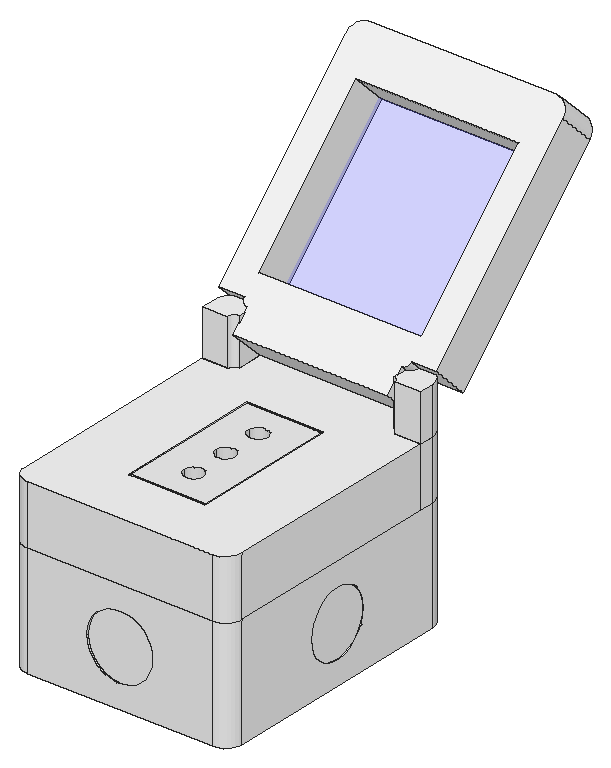
Revit family "Domotics-SerieCivili-GEWISS-27COMBI_SYSTEM-IP55_PRESA_ITA", category Apparecchi elettrici, host Superficie, Revit 2016
Family settings
  Host = Superficie
  Mantenere orientamento annotazione = Sì
  Tipo di parte = Normale
  Quota connettore circolare = Usa diametro
  Numero OmniClass = 23.80.50.14
  Titolo OmniClass = Plug Connectors
  Taglio con vuoti quando caricato = Sì
  Condiviso = Sì
  Punto di calcolo locali = No
Parameters (values of type "GW27841 - Con presa std italiano")
  Viti coperchio = "Acciaio inox"
  Versione file RFA = "19.4"
  VISTA DI PIANTA [instance] = yes
  URL = "https://www.gewiss.com/it/it"
  Tipo sfondabili = "Asportabili con utensile"
  Tipo portella = "Con membrana"
  Tipo = "Presa 2P+T - 16 A bivalente"
  Termopressione con biglia = "70 °C"
  Tensione: = "250 V ac"
  Tensione = "230 V ac"
  Temperatura di installazione = "-25 +60 °C"
  Scheda Tecnica = "https://www.gewiss.com/it/it/search?q=GW27841"
  SPORTELLO APERTO [instance] = yes
  SIMBOLO [instance] = yes
  SEO = "Contenitore"
  Produttore = "GEWISS S.p.A."
  Offset = 0 mm
  Norma di riferimento: = "IEC 60884-1"
  Norma di riferimento = "Italiano"
  N. fori Ã˜ 23 sfondabili: = "Laterali 3 / Sul fondo 1"
  N. fori Ã˜ 23 con passacavo = "1"
  Modello = "GW27841"
  IFC.TypeObject = ""
  IFC.ExportType = ""
  IFC.ExportAs = ""
  IDT = "a9e83055-bc3d-4fd1-a2af-8daed6b86314"
  IDF = "19c93e40-1a99-46aa-9b32-a5c1b16e1856"
  Grado di protezione = "IP55"
  Glow Wire Test = "650°C"
  GW - Testo elettrico = "10/16"
  Default Elevation = 1219.2 mm
  Immagine tipo = GW27841.jpg
  Distanza orizzontale del simbolo [instance] = 414.468 mm
  Distanza dal muro [instance] = 0 mm
  Dim. esterne BxHxP (mm) = "66x82x65"
  Descrizione: = "Presa 2P+T - 16 A bivalente"
  Descrizione = "PRESA STD ITA.2P+T 16A BIV.STAGNA"
  Creato da GEWISS S.p.A. = ""
  Cornice simbolo [instance] = yes
  Coppia serraggio viti = "0,8NM"
  Colore portella = "Trasparente"
  Colore = "Grigio RAL 7035"
  Codice Electrocod = "0131"
  Codice EAN = "8011564095465"
  Classe isolamento = "II"
  Catalogo Serie = "27COMBI"
  Catalogo = "DOMOTICS"
  Caratteristiche = "Standard Italiano"
  COBie.Tagnumber = ""
  COBie.CreatedOn = ""
  COBie.CreatebBy = ""
  COBie.ComponentRegisterItemID = ""
  COBie.Component.TagNumber = ""
  COBie.Component.Space = ""
  COBie.Component.SerialNumber = ""
  COBie.Component.InstallationDate = ""
  COBie.Component.Description = ""
  COBie.Component.BarCode = ""
Reference planes
  plane 1 "Centro (Fronte/Retro)": y = 0
  plane 2: z = 0
  plane 3 "Centro (Sinistra/Destra)": x = 0
  plane 4: z = 0
  plane 5: y = 41
  plane 6: y = -41
  plane 7: x = -33
  plane 8: x = 33
  plane 9: z = 60
  plane 10: x = -414.468
Lines and regions (mm)
  Masking region 1, visible <- "VISTA DI PIANTA"
    outline origin (0, 0, 0) x (1, 0, 0) y (0, 0, 1)
      loop
        line (33, 0) -> (33, 60) -> (-33, 60) -> (-33, 0) -> (33, 0)
  Masking region 2, visible <- "VISTA DI PIANTA", detail levels medium+fine
    outline origin (0, 0, 0) x (1, 0, 0) y (0, 0, 1)
      loop
        circle (0, 17) r 10
  Masking region 3
    outline origin (0, 0, 0) x (0, 1, 0) y (0, 0, 1)
      loop
        line (-41, 60) -> (-41, 0) -> (41, 0) -> (41, 60) -> (-41, 60)
  Masking region 4
    outline origin (0, 0, 0) x (0, 1, 0) y (0, 0, 1)
      loop
        circle (0, 17) r 11.5
  Masking region 5
    outline origin (0, 0, 0) x (1, 0, 0) y (0, 1, 0)
      loop
        line (-11.5, 21.5) -> (-11.5, -23.5) -> (11.5, -23.5) -> (11.5, 21.5) -> (-11.5, 21.5)
      loop
        circle (0.079, 11.206) r 2.942
      loop
        circle (0, -1) r 2.942
      loop
        circle (0.079, -13.206) r 2.942
  model lines, detail levels coarse
    curve 1: line (-11.5, -23.5, 60) -> (-11.5, 21.5, 60)
    curve 2: line (-11.5, 21.5, 60) -> (11.5, 21.5, 60)
    curve 3: line (11.5, 21.5, 60) -> (11.5, -23.5, 60)
    curve 4: line (11.5, -23.5, 60) -> (-11.5, -23.5, 60)
    curve 5: arc (-2.863, -13.206, 60) -> (0.079, -10.264, 60) -> (3.021, -13.206, 60) r 2.942
    curve 6: arc (3.021, -13.206, 60) -> (0.079, -16.148, 60) -> (-2.863, -13.206, 60) r 2.942
    curve 7: arc (2.942, -1, 60) -> (0, -3.942, 60) -> (-2.942, -1, 60) r 2.942
    curve 8: arc (-2.942, -1, 60) -> (0, 1.942, 60) -> (2.942, -1, 60) r 2.942
    curve 9: arc (3.021, 11.206, 60) -> (0.079, 8.264, 60) -> (-2.863, 11.206, 60) r 2.942
    curve 10: arc (-2.863, 11.206, 60) -> (0.079, 14.148, 60) -> (3.021, 11.206, 60) r 2.942
  model lines, not visible, detail levels coarse
    curve 11: line (-11.5, -23.5, 60) -> (-11.5, 21.5, 60)
    curve 12: line (-11.5, 21.5, 60) -> (11.5, 21.5, 60)
    curve 13: line (11.5, 21.5, 60) -> (11.5, -23.5, 60)
    curve 14: line (11.5, -23.5, 60) -> (-11.5, -23.5, 60)
    curve 15: arc (-2.863, -13.206, 60) -> (0.079, -10.264, 60) -> (3.021, -13.206, 60) r 2.942
    curve 16: arc (3.021, -13.206, 60) -> (0.079, -16.148, 60) -> (-2.863, -13.206, 60) r 2.942
    curve 17: arc (2.942, -1, 60) -> (0, -3.942, 60) -> (-2.942, -1, 60) r 2.942
    curve 18: arc (-2.942, -1, 60) -> (0, 1.942, 60) -> (2.942, -1, 60) r 2.942
    curve 19: arc (3.021, 11.206, 60) -> (0.079, 8.264, 60) -> (-2.863, 11.206, 60) r 2.942
    curve 20: arc (-2.863, 11.206, 60) -> (0.079, 14.148, 60) -> (3.021, 11.206, 60) r 2.942
Dimensions and locks
  "Offset": plane 4 to host face
  locked: plane 5 to plane 6 at 82
  locked: plane 7 to plane 8 at 66
  locked: plane 9 to plane 4 at 60
  "Distanza orizzontale del simbolo": plane 10 to plane 3 "Centro (Sinistra/Destra)"
  aligned and locked: plane 2 to host face
  aligned and locked: level to host face
  aligned and locked: plane 3 "Centro (Sinistra/Destra)" to nested 1
  aligned and locked: plane 1 "Centro (Fronte/Retro)" to nested 1
  aligned and locked: nested 1 to plane 4
  aligned and locked: plane 7 to nested 1
  aligned and locked: plane 8 to nested 1
  aligned and locked: plane 5 to nested 1
  aligned and locked: plane 6 to nested 1
  aligned and locked: Masking region 1 sketch curve to plane 9
  aligned and locked: Masking region 1 sketch curve to plane 8
  aligned and locked: Masking region 1 sketch curve to plane 7
  aligned and locked: plane 4 to Masking region 1 sketch curve
  aligned and locked: plane 4 to Masking region 3 sketch curve
  aligned and locked: Masking region 3 sketch curve to plane 9
  aligned and locked: Masking region 3 sketch curve to plane 6
  aligned and locked: Masking region 3 sketch curve to plane 5
  aligned and locked: nested 1 to nested 2
  aligned and locked: nested 2 to nested 1
  aligned and locked: Masking region 5 sketch curve to curve 2
  aligned and locked: Masking region 5 sketch curve to curve 1
  aligned and locked: Masking region 5 sketch curve to curve 4
  aligned and locked: Masking region 5 sketch curve to curve 3
  aligned and locked: plane 10 to nested 3
Automatic sketch dimensions
  host sketch curve to host sketch curve = 2438.4 mm  (x2)
  Masking region 2 sketch curve to plane 3 "Centro (Sinistra/Destra)" = 0 mm
  level to Masking region 2 sketch curve = 17 mm
  Masking region 4 sketch curve to plane 1 "Centro (Fronte/Retro)" = 0 mm
  level to Masking region 4 sketch curve = 17 mm
  curve 7 to curve 5 = 0.079 mm
  curve 7 to curve 10 = 0.079 mm
  curve 5 to curve 8 = 12.206 mm
  curve 7 to curve 10 = 12.206 mm
  curve 5 to curve 5 = 2.942 mm
  curve 10 to curve 9 = 2.942 mm
  curve 7 to curve 7 = 2.942 mm
  curve 1 to curve 6 = 8.637 mm
  curve 5 to curve 4 = 8.479 mm
  curve 1 to curve 6 = 10.294 mm
  curve 10 to curve 2 = 10.294 mm
  curve 5 to curve 6 = 0 mm  (x2)
  curve 7 to curve 8 = 0 mm  (x2)
  curve 9 to curve 10 = 0 mm  (x2)
  curve 17 to curve 15 = 0.079 mm
  curve 17 to curve 20 = 0.079 mm
  curve 15 to curve 18 = 12.206 mm
  curve 17 to curve 20 = 12.206 mm
  curve 15 to curve 15 = 2.942 mm
  curve 20 to curve 19 = 2.942 mm
  curve 17 to curve 17 = 2.942 mm
  curve 11 to curve 16 = 8.637 mm
  curve 15 to curve 14 = 8.479 mm
  curve 11 to curve 16 = 10.294 mm
  curve 20 to curve 12 = 10.294 mm
  curve 15 to curve 16 = 0 mm  (x2)
  curve 17 to curve 18 = 0 mm  (x2)
  curve 19 to curve 20 = 0 mm  (x2)
  Masking region 5 sketch curve to plane 3 "Centro (Sinistra/Destra)" = 0 mm
  plane 3 "Centro (Sinistra/Destra)" to Masking region 5 sketch curve = 0.079 mm  (x2)
  plane 1 "Centro (Fronte/Retro)" to Masking region 5 sketch curve = 13.206 mm
  plane 1 "Centro (Fronte/Retro)" to Masking region 5 sketch curve = 1 mm
  Masking region 5 sketch curve to plane 1 "Centro (Fronte/Retro)" = 11.206 mm
  radius of Masking region 2 sketch curve = 10 mm
  radius of Masking region 4 sketch curve = 11.5 mm
  radius of Masking region 5 sketch curve = 2.942 mm  (x3)
Nested families
  nested 1: "SYSTEM CONTENITORI IP55 COMPL PRESE ITA_BASE" at (0, 0, 0), Sportello aperto <- "SPORTELLO APERTO", type "GW27841"
    with Sportello chiuso no, Sportello aperto yes
  nested 2: "SYSTEM PRESE ITA P11 10A_BASE" at (0, -1, 13), type "SYSTEM PRESE ITA P11 10A_BASE"
  nested 3: "SIMBOLO PRESE" at (-414.468, 425.129, 0), TESTO ELETTRICO <- "GW - Testo elettrico", Distanza dal muro <- "Distanza dal muro", BORDO ACCESO <- "Cornice simbolo", SIMBOLO <- "SIMBOLO", type "PRESA"
    with TESTO ELETTRICO "10/16", SIMBOLO yes, Distanza dal muro 0 mm, BORDO ACCESO yes
Connectors
  cabletrayconduit at (33, 0, 17), diameter 20
    settings: on nested 1, index 1, connector width 300 mm, connector height 300 mm, connector angle 0.00°, system type 32, placement type 0, profile type 0, connector reference index -1, is primary connector yes, connector utility param no, connector description ""
  cabletrayconduit at (0, -41, 17), diameter 20
    settings: on nested 1, index 2, connector width 300 mm, connector height 300 mm, connector angle 0.00°, system type 32, placement type 0, profile type 0, connector reference index -1, is primary connector no, connector utility param no, connector description ""
  cabletrayconduit at (-33, 0, 17), diameter 20
    settings: on nested 1, index 3, connector width 300 mm, connector height 300 mm, connector angle 0.00°, system type 32, placement type 0, profile type 0, connector reference index -1, is primary connector no, connector utility param no, connector description ""
  cabletrayconduit at (0, 40.592, 17), diameter 20
    settings: on nested 1, index 4, connector width 300 mm, connector height 300 mm, connector angle 0.00°, system type 32, placement type 0, profile type 0, connector reference index -1, is primary connector no, connector utility param no, connector description ""
Definition of nested family "SYSTEM CONTENITORI IP55 COMPL PRESE ITA_BASE"
  Parameters (values of type "GW27841")
    VETRO = none
    Sportello chiuso [instance] = not(Sportello aperto)  # no
    Sportello aperto [instance] = yes
    Profondità scatola = 34 mm
    Offset bidimensionale = 60 mm
    Larghezza scatola = 66 mm
    SCATOLA = none
    Larghezza foro = 23 mm
    Default Elevation = 1219.2 mm
    Altezza scatola = 82 mm
    Altezza foro = 45 mm
  Reference planes
    plane 1 "Centro (Fronte/Retro)": y = 0
    plane 2: z = 0
    plane 3 "Centro (Sinistra/Destra)": x = 0
    plane 4: x = -33
    plane 5: x = 33
    plane 6 "1": y = 41
    plane 7: y = -41
    plane 8 "PIANO 1": z = 66
    plane 9: z = 34
    plane 10: z = 2
    plane 11: z = 52
    plane 12: x = -11.5
    plane 13: x = 11.5
    plane 14: y = 21.5
    plane 15: y = -23.5
    plane 16: z = 17
    plane 17 "PIANO BIDIMENSIONALE": z = 60
  Forms (mm)
    Extrusion 1, solid, material <- "SCATOLA", detail levels medium+fine
      sketch origin (0, 0, 66) x (0, -1, 0) y (1, 0, 0)
        loop
          arc (-41, -28) -> (-39.536, -31.536) -> (-36, -33) r 5
          line (-36, -33) -> (36, -33)
          arc (36, -33) -> (39.536, -31.536) -> (41, -28) r 5
          line (41, -28) -> (41, 28)
          arc (41, 28) -> (39.536, 31.536) -> (36, 33) r 5
          line (36, 33) -> (-36, 33)
          arc (-36, 33) -> (-39.536, 31.536) -> (-41, 28) r 5
          line (-41, 28) -> (-41, -28)
      from -66 to -32
    Extrusion 2, void, detail levels medium+fine
      sketch origin (0, 0, 66) x (0, -1, 0) y (1, 0, 0)
        loop
          line (-40, 28) -> (-40, -28)
          arc (-40, -28) -> (-38.828, -30.828) -> (-36, -32) r 4
          line (-36, -32) -> (36, -32)
          arc (36, -32) -> (38.828, -30.828) -> (40, -28) r 4
          line (40, -28) -> (40, 28)
          arc (40, 28) -> (38.828, 30.828) -> (36, 32) r 4
          line (36, 32) -> (-36, 32)
          arc (-36, 32) -> (-38.828, 30.828) -> (-40, 28) r 4
      from -64 to -32
    Extrusion 3, solid, material <- "SCATOLA", visible <- "Sportello chiuso", detail levels medium+fine
      sketch origin (0, 0, 66) x (0, -1, 0) y (1, 0, 0)
        loop
          line (-41, -23.414) -> (-33.415, -23.414)
          arc (-33.415, -23.414) -> (-32.861, -24.751) -> (-31.525, -25.304) r 1.89
          line (-31.525, -25.304) -> (-31.525, -33) -> (36, -33)
          arc (36, -33) -> (39.536, -31.536) -> (41, -28) r 5
          line (41, -28) -> (41, 28)
          arc (41, 28) -> (39.536, 31.536) -> (36, 33) r 5
          line (36, 33) -> (-31.525, 33) -> (-31.525, 25.304)
          arc (-31.525, 25.304) -> (-32.861, 24.751) -> (-33.415, 23.414) r 1.89
          line (-33.415, 23.414) -> (-41, 23.414) -> (-41, -23.414)
        loop
          line (26.857, 24.717) -> (-24.857, 24.717) -> (-24.857, -24.717) -> (26.857, -24.717) -> (26.857, 24.717)
      from -14 to 0
    Extrusion 4, solid, material <- "SCATOLA", detail levels medium+fine
      sketch origin (0, 0, 66) x (0, -1, 0) y (1, 0, 0)
        loop
          line (-41, -23.414) -> (-33.415, -23.414)
          arc (-33.415, -23.414) -> (-32.861, -24.751) -> (-31.525, -25.304) r 1.89
          line (-31.525, -25.304) -> (-31.525, -33) -> (36, -33)
          arc (36, -33) -> (39.536, -31.536) -> (41, -28) r 5
          line (41, -28) -> (41, 28)
          arc (41, 28) -> (39.536, 31.536) -> (36, 33) r 5
          line (36, 33) -> (-31.525, 33) -> (-31.525, 25.304)
          arc (-31.525, 25.304) -> (-32.861, 24.751) -> (-33.415, 23.414) r 1.89
          line (-33.415, 23.414) -> (-41, 23.414) -> (-41, -23.414)
        loop
          line (23.5, 11.5) -> (-21.5, 11.5) -> (-21.5, -11.5) -> (23.5, -11.5) -> (23.5, 11.5)
      from -32 to -14
    Extrusion 5, solid, material <- "SCATOLA", detail levels medium+fine
      sketch origin (0, 0, 66) x (0, -1, 0) y (1, 0, 0)
        loop
          arc (-41, -28) -> (-39.536, -31.536) -> (-36, -33) r 5
          line (-36, -33) -> (-31.525, -33) -> (-31.525, -25.304)
          arc (-31.525, -25.304) -> (-32.861, -24.751) -> (-33.415, -23.414) r 1.89
          line (-33.415, -23.414) -> (-41, -23.414) -> (-41, -28)
      from -14 to 0
    Extrusion 6, solid, material <- "SCATOLA", detail levels medium+fine
      sketch origin (0, 0, 66) x (0, -1, 0) y (1, 0, 0)
        loop
          line (-41, 28) -> (-41, 23.414) -> (-33.415, 23.414)
          arc (-33.415, 23.414) -> (-32.861, 24.751) -> (-31.525, 25.304) r 1.89
          line (-31.525, 25.304) -> (-31.525, 33) -> (-36, 33)
          arc (-36, 33) -> (-39.536, 31.536) -> (-41, 28) r 5
      from -14 to 0
    Extrusion 7, solid, material <- "VETRO", visible <- "Sportello chiuso", detail levels medium+fine
      sketch origin (0, 0, 66) x (0, -1, 0) y (1, 0, 0)
        loop
          line (-24.857, -24.717) -> (26.857, -24.717) -> (26.857, 24.717) -> (-24.857, 24.717) -> (-24.857, -24.717)
      from -1.5 to 0
    Extrusion 8, solid, material <- "SCATOLA", visible <- "Sportello aperto", detail levels medium+fine
      sketch origin (0, 69.991, 80.991) x (0, 0.707107, 0.707107) y (1, 0, 0)
        loop
          line (-41, -23.414) -> (-33.415, -23.414)
          arc (-33.415, -23.414) -> (-32.861, -24.751) -> (-31.525, -25.304) r 1.89
          line (-31.525, -25.304) -> (-31.525, -33) -> (36, -33)
          arc (36, -33) -> (39.536, -31.536) -> (41, -28) r 5
          line (41, -28) -> (41, 28)
          arc (41, 28) -> (39.536, 31.536) -> (36, 33) r 5
          line (36, 33) -> (-31.525, 33) -> (-31.525, 25.304)
          arc (-31.525, 25.304) -> (-32.861, 24.751) -> (-33.415, 23.414) r 1.89
          line (-33.415, 23.414) -> (-41, 23.414) -> (-41, -23.414)
        loop
          line (26.857, 24.717) -> (-24.857, 24.717) -> (-24.857, -24.717) -> (26.857, -24.717) -> (26.857, 24.717)
      from -14 to 0
    Extrusion 9, solid, material <- "VETRO", visible <- "Sportello aperto", detail levels medium+fine
      sketch origin (0, 69.991, 80.991) x (0, 0.707107, 0.707107) y (1, 0, 0)
        loop
          line (-24.857, -24.717) -> (26.857, -24.717) -> (26.857, 24.717) -> (-24.857, 24.717) -> (-24.857, -24.717)
      from -1.5 to 0
    Extrusion 10, solid, material <- "SCATOLA", visible <- "Sportello aperto", not visible
      sketch origin (210, 0, -63.711) x (0, -1, 0) y (1, 0, 0)
        loop
          line (-41, -56.414) -> (-33.415, -56.414)
          arc (-33.415, -56.414) -> (-32.861, -57.751) -> (-31.525, -58.304) r 1.89
          line (-31.525, -58.304) -> (-31.525, -66) -> (36, -66)
          arc (36, -66) -> (39.536, -64.536) -> (41, -61) r 5
          line (41, -61) -> (41, 61)
          arc (41, 61) -> (39.536, 64.536) -> (36, 66) r 5
          line (36, 66) -> (-31.525, 66) -> (-31.525, 58.304)
          arc (-31.525, 58.304) -> (-32.861, 57.751) -> (-33.415, 56.414) r 1.89
          line (-33.415, 56.414) -> (-41, 56.414) -> (-41, -56.414)
        loop
          line (26.857, 57.717) -> (-24.857, 57.717) -> (-24.857, -57.717) -> (26.857, -57.717) -> (26.857, 57.717)
      from -14 to 0
    Extrusion 11, solid, material <- "VETRO", visible <- "Sportello aperto", not visible
      sketch origin (210, 0, -63.711) x (0, -1, 0) y (1, 0, 0)
        loop
          line (-24.857, -57.717) -> (26.857, -57.717) -> (26.857, 57.717) -> (-24.857, 57.717) -> (-24.857, -57.717)
      from -1.5 to 0
    Extrusion 12, solid, material <- "SCATOLA", detail levels fine
      sketch origin (0, 0, 0) x (1, 0, 0) y (0, 0, 1)
        loop
          circle (0, 17) r 16
      from -43 to -41
    Extrusion 13, solid, material <- "SCATOLA", detail levels fine
      sketch origin (0, 41, 0) x (-1, 0, 0) y (0, 0, 1)
        loop
          circle (0, 17) r 13
      from 5 to 3
    Extrusion 14, solid, material <- "SCATOLA", detail levels fine
      sketch origin (0, 41, 0) x (-1, 0, 0) y (0, 0, 1)
        loop
          circle (0, 17) r 10
      from 8 to 6
    Extrusion 15, solid, material <- "SCATOLA", detail levels fine
      sketch origin (0, 41, 0) x (-1, 0, 0) y (0, 0, 1)
        loop
          circle (0, 17) r 3
      from 2 to 6
    Extrusion 16, solid, material <- "SCATOLA", detail levels medium+fine
      sketch origin (0, 0, 0) x (1, 0, 0) y (0, 1, 0)
        loop
          line (-23.414, 33.415) -> (-23.414, 41) -> (-28, 41)
          arc (-28, 41) -> (-31.536, 39.536) -> (-33, 36) r 5
          line (-33, 36) -> (-33, 31.525) -> (-25.304, 31.525)
          arc (-25.304, 31.525) -> (-24.751, 32.861) -> (-23.414, 33.415) r 1.89
        loop
          arc (23.414, 33.415) -> (24.751, 32.861) -> (25.304, 31.525) r 1.89
          line (25.304, 31.525) -> (33, 31.525) -> (33, 36)
          arc (33, 36) -> (31.536, 39.536) -> (28, 41) r 5
          line (28, 41) -> (23.414, 41) -> (23.414, 33.415)
      from 34 to 52
    Extrusion 17, void, detail levels medium+fine
      sketch origin (0, 0, 0) x (0, 1, 0) y (0, 0, 1)
        loop
          circle (0, 17) r 10
      from 32.526 to 33
    Extrusion 18, void, detail levels medium+fine
      sketch origin (0, 0, 0) x (1, 0, 0) y (0, 0, 1)
        loop
          circle (0, 17) r 10
      from 40.592 to 41
    Extrusion 19, void, detail levels medium+fine
      sketch origin (0, 0, 0) x (0, 1, 0) y (0, 0, -1)
        loop
          circle (0, -17) r 11.5
      from 32.526 to 33
    Extrusion 20, void, detail levels medium+fine
      sketch origin (0, 0, 0) x (1, 0, 0) y (0, 0, -1)
        loop
          circle (0, -17) r 10
      from 40.592 to 41
    Extrusion 21, solid, material <- "SCATOLA", detail levels coarse
      sketch origin (0, 0, 66) x (0, -1, 0) y (1, 0, 0)
        loop
          arc (36, -33) -> (39.536, -31.536) -> (41, -28) r 5
          line (41, -28) -> (41, 28)
          arc (41, 28) -> (39.536, 31.536) -> (36, 33) r 5
          line (36, 33) -> (-31.525, 33) -> (-36, 33)
          arc (-36, 33) -> (-39.536, 31.536) -> (-41, 28) r 5
          line (-41, 28) -> (-41, -28)
          arc (-41, -28) -> (-39.536, -31.536) -> (-36, -33) r 5
          line (-36, -33) -> (36, -33)
      from -66 to -6
  Cuts and joins
    Extrusion 2, Extrusion 17, Extrusion 18, Extrusion 19, Extrusion 20 cuts Extrusion 1
  Lines and regions (mm)
    Masking region 1
      outline origin (0, 0, 66) x (0, -1, 0) y (1, 0, 0)
        loop
          line (36, 33) -> (-31.525, 33) -> (-36, 33)
          arc (-36, 33) -> (-39.536, 31.536) -> (-41, 28) r 5
          line (-41, 28) -> (-41, -28)
          arc (-41, -28) -> (-39.536, -31.536) -> (-36, -33) r 5
          line (-36, -33) -> (36, -33)
          arc (36, -33) -> (39.536, -31.536) -> (41, -28) r 5
          line (41, -28) -> (41, 28)
          arc (41, 28) -> (39.536, 31.536) -> (36, 33) r 5
        loop
          line (-21.5, 11.5) -> (-21.5, -11.5) -> (23.5, -11.5) -> (23.5, 11.5) -> (-21.5, 11.5)
        loop
          circle (-36, -28) r 2
        loop
          circle (-36, 28) r 2
    Masking region 2
      outline origin (0, 0, 66) x (0, -1, 0) y (1, 0, 0)
        loop
          circle (-36, -28) r 2
        loop
          circle (-36, 28) r 2
        loop
          arc (-31.525, 24.717) -> (-32.446, 24.336) -> (-32.828, 23.414) r 1.303
          line (-32.828, 23.414) -> (-32.828, -23.414)
          arc (-32.828, -23.414) -> (-32.446, -24.336) -> (-31.525, -24.717) r 1.303
          line (-31.525, -24.717) -> (26.857, -24.717) -> (26.857, 24.717) -> (-31.525, 24.717)
        loop
          line (-21.5, 11.5) -> (-21.5, -11.5) -> (23.5, -11.5) -> (23.5, 11.5) -> (-21.5, 11.5)
        loop
          line (41, -25.996) -> (41, -23.996) -> (38.247, -23.996)
          arc (38.247, -23.996) -> (36.833, -23.41) -> (36.247, -21.996) r 2
          line (36.247, -21.996) -> (36.247, 21.996)
          arc (36.247, 21.996) -> (36.833, 23.41) -> (38.247, 23.996) r 2
          line (38.247, 23.996) -> (41, 23.996) -> (41, 25.996) -> (36.247, 25.996)
          arc (36.247, 25.996) -> (34.833, 25.41) -> (34.247, 23.996) r 2
          line (34.247, 23.996) -> (34.247, -23.996)
          arc (34.247, -23.996) -> (34.833, -25.41) -> (36.247, -25.996) r 2
          line (36.247, -25.996) -> (41, -25.996)
    Masking region 3
      outline origin (0, 0, 66) x (0, -1, 0) y (1, 0, 0)
        loop
          line (-31.525, -33) -> (-31.525, -25.304)
          arc (-31.525, -25.304) -> (-32.861, -24.751) -> (-33.415, -23.414) r 1.89
          line (-33.415, -23.414) -> (-41, -23.414) -> (-41, -28)
          arc (-41, -28) -> (-39.536, -31.536) -> (-36, -33) r 5
          line (-36, -33) -> (-31.525, -33)
        loop
          circle (-36, -28) r 2
        loop
          line (-31.525, 25.304) -> (-31.525, 33) -> (-36, 33)
          arc (-36, 33) -> (-39.536, 31.536) -> (-41, 28) r 5
          line (-41, 28) -> (-41, 23.414) -> (-33.415, 23.414)
          arc (-33.415, 23.414) -> (-32.861, 24.751) -> (-31.525, 25.304) r 1.89
        loop
          circle (-36, 28) r 2
        loop
          line (-24.857, -24.717) -> (-24.857, 24.717) -> (-31.525, 24.717)
          arc (-31.525, 24.717) -> (-32.446, 24.336) -> (-32.828, 23.414) r 1.303
          line (-32.828, 23.414) -> (-32.828, -23.414)
          arc (-32.828, -23.414) -> (-32.446, -24.336) -> (-31.525, -24.717) r 1.303
          line (-31.525, -24.717) -> (-24.857, -24.717)
    model lines, detail levels coarse
      curve 1: line (-28, 41, 60) -> (28, 41, 60)
      curve 2: arc (-28, 41, 60) -> (-31.536, 39.536, 60) -> (-33, 36, 60) r 5
      curve 3: line (-33, -36, 60) -> (-33, 36, 60)
      curve 4: arc (-28, -41, 60) -> (-31.536, -39.536, 60) -> (-33, -36, 60) r 5
      curve 5: line (28, -41, 60) -> (-28, -41, 60)
      curve 6: line (-23.996, -41, 60) -> (-23.996, -38.247, 60)
      curve 7: line (-25.996, -41, 60) -> (-25.996, -36.247, 60)
      curve 8: arc (-21.996, -36.247, 60) -> (-23.41, -36.833, 60) -> (-23.996, -38.247, 60) r 2
      curve 9: arc (-23.996, -34.247, 60) -> (-25.41, -34.833, 60) -> (-25.996, -36.247, 60) r 2
      curve 10: line (-23.996, -34.247, 60) -> (23.996, -34.247, 60)
      curve 11: line (-21.996, -36.247, 60) -> (21.996, -36.247, 60)
      curve 12: arc (23.996, -38.247, 60) -> (23.41, -36.833, 60) -> (21.996, -36.247, 60) r 2
      curve 13: line (23.996, -41, 60) -> (23.996, -38.247, 60)
      curve 14: arc (25.996, -36.247, 60) -> (25.41, -34.833, 60) -> (23.996, -34.247, 60) r 2
      curve 15: line (25.996, -41, 60) -> (25.996, -36.247, 60)
      curve 16: arc (33, -36, 60) -> (31.536, -39.536, 60) -> (28, -41, 60) r 5
      curve 17: line (33, 36, 60) -> (33, -36, 60)
      curve 18: arc (28, 41, 60) -> (31.536, 39.536, 60) -> (33, 36, 60) r 5
      curve 19: line (23.414, 41, 60) -> (23.414, 33.415, 60)
      curve 20: line (-23.414, 41, 60) -> (-23.414, 33.415, 60)
      curve 21: circle (-28, 36, 60) r 2 normal (0, 0, 1)
      curve 22: line (-29.912, 35.413, 60) -> (-26.7, 37.52, 60)
      curve 23: line (-26.172, 36.81, 60) -> (-29.472, 34.646, 60)
      curve 24: circle (28, 36, 60) r 2 normal (0, 0, -1)
      curve 25: line (29.912, 35.413, 60) -> (26.7, 37.52, 60)
      curve 26: line (26.172, 36.81, 60) -> (29.472, 34.646, 60)
      curve 27: line (33, 31.525, 60) -> (25.304, 31.525, 60)
      curve 28: arc (23.414, 33.415, 60) -> (24.751, 32.861, 60) -> (25.304, 31.525, 60) r 1.89
      curve 29: line (-23.414, 33.415, 60) -> (23.414, 33.415, 60)
      curve 30: arc (-23.414, 33.415, 60) -> (-24.751, 32.861, 60) -> (-25.304, 31.525, 60) r 1.89
      curve 31: line (-33, 31.525, 60) -> (-25.304, 31.525, 60)
      curve 32: arc (-23.414, 32.828, 60) -> (-24.336, 32.446, 60) -> (-24.717, 31.525, 60) r 1.303
      curve 33: line (-23.414, 32.828, 60) -> (23.414, 32.828, 60)
      curve 34: arc (23.414, 32.828, 60) -> (24.336, 32.446, 60) -> (24.717, 31.525, 60) r 1.303
      curve 35: line (24.717, 31.525, 60) -> (24.717, -26.857, 60)
      curve 36: line (-24.717, -26.857, 60) -> (-24.717, 31.525, 60)
      curve 37: line (-24.717, 24.857, 60) -> (24.717, 24.857, 60)
      curve 38: line (-11.5, 21.5, 60) -> (11.5, 21.5, 60)
      curve 39: line (11.5, 21.5, 60) -> (11.5, -23.5, 60)
      curve 40: line (-11.5, -23.5, 60) -> (-11.5, 21.5, 60)
      curve 41: line (11.5, -23.5, 60) -> (-11.5, -23.5, 60)
      curve 42: line (24.717, -26.857, 60) -> (-24.717, -26.857, 60)
    model lines, not visible, detail levels coarse
      curve 43: line (-28, 41, 60) -> (28, 41, 60)
      curve 44: arc (-28, 41, 60) -> (-31.536, 39.536, 60) -> (-33, 36, 60) r 5
      curve 45: line (-33, -36, 60) -> (-33, 36, 60)
      curve 46: arc (-28, -41, 60) -> (-31.536, -39.536, 60) -> (-33, -36, 60) r 5
      curve 47: line (28, -41, 60) -> (-28, -41, 60)
      curve 48: line (-23.996, -41, 60) -> (-23.996, -38.247, 60)
      curve 49: line (-25.996, -41, 60) -> (-25.996, -36.247, 60)
      curve 50: arc (-21.996, -36.247, 60) -> (-23.41, -36.833, 60) -> (-23.996, -38.247, 60) r 2
      curve 51: arc (-23.996, -34.247, 60) -> (-25.41, -34.833, 60) -> (-25.996, -36.247, 60) r 2
      curve 52: line (-23.996, -34.247, 60) -> (23.996, -34.247, 60)
      curve 53: line (-21.996, -36.247, 60) -> (21.996, -36.247, 60)
      curve 54: arc (23.996, -38.247, 60) -> (23.41, -36.833, 60) -> (21.996, -36.247, 60) r 2
      curve 55: line (23.996, -41, 60) -> (23.996, -38.247, 60)
      curve 56: arc (25.996, -36.247, 60) -> (25.41, -34.833, 60) -> (23.996, -34.247, 60) r 2
      curve 57: line (25.996, -41, 60) -> (25.996, -36.247, 60)
      curve 58: arc (33, -36, 60) -> (31.536, -39.536, 60) -> (28, -41, 60) r 5
      curve 59: line (33, 36, 60) -> (33, -36, 60)
      curve 60: arc (28, 41, 60) -> (31.536, 39.536, 60) -> (33, 36, 60) r 5
      curve 61: line (23.414, 41, 60) -> (23.414, 33.415, 60)
      curve 62: line (-23.414, 41, 60) -> (-23.414, 33.415, 60)
      curve 63: circle (-28, 36, 60) r 2 normal (0, 0, 1)
      curve 64: line (-29.912, 35.413, 60) -> (-26.7, 37.52, 60)
      curve 65: line (-26.172, 36.81, 60) -> (-29.472, 34.646, 60)
      curve 66: circle (28, 36, 60) r 2 normal (0, 0, -1)
      curve 67: line (29.912, 35.413, 60) -> (26.7, 37.52, 60)
      curve 68: line (26.172, 36.81, 60) -> (29.472, 34.646, 60)
      curve 69: line (33, 31.525, 60) -> (25.304, 31.525, 60)
      curve 70: arc (23.414, 33.415, 60) -> (24.751, 32.861, 60) -> (25.304, 31.525, 60) r 1.89
      curve 71: line (-23.414, 33.415, 60) -> (23.414, 33.415, 60)
      curve 72: arc (-23.414, 33.415, 60) -> (-24.751, 32.861, 60) -> (-25.304, 31.525, 60) r 1.89
      curve 73: line (-33, 31.525, 60) -> (-25.304, 31.525, 60)
      curve 74: arc (-23.414, 32.828, 60) -> (-24.336, 32.446, 60) -> (-24.717, 31.525, 60) r 1.303
      curve 75: line (-23.414, 32.828, 60) -> (23.414, 32.828, 60)
      curve 76: arc (23.414, 32.828, 60) -> (24.336, 32.446, 60) -> (24.717, 31.525, 60) r 1.303
      curve 77: line (24.717, 31.525, 60) -> (24.717, -26.857, 60)
      curve 78: line (-24.717, -26.857, 60) -> (-24.717, 31.525, 60)
      curve 79: line (-24.717, 24.857, 60) -> (24.717, 24.857, 60)
      curve 80: line (-11.5, 21.5, 60) -> (11.5, 21.5, 60)
      curve 81: line (11.5, 21.5, 60) -> (11.5, -23.5, 60)
      curve 82: line (-11.5, -23.5, 60) -> (-11.5, 21.5, 60)
      curve 83: line (11.5, -23.5, 60) -> (-11.5, -23.5, 60)
      curve 84: line (24.717, -26.857, 60) -> (-24.717, -26.857, 60)
  Dimensions and locks
    equal spacing: plane 4, plane 3 "Centro (Sinistra/Destra)", plane 5
    equal spacing: plane 6 "1", plane 1 "Centro (Fronte/Retro)", plane 7
    "Altezza scatola": plane 6 "1" to plane 7
    "Larghezza scatola": plane 4 to plane 5
    "Profondità scatola": plane 9 to level
    plane 8 "PIANO 1" to plane 11 = 14 mm
    "Altezza foro": plane 15 to plane 14
    "Larghezza foro": plane 12 to plane 13
    equal spacing: plane 12, plane 3 "Centro (Sinistra/Destra)", plane 13
    equal spacing: level, plane 16, plane 9
    "Offset bidimensionale": plane 17 "PIANO BIDIMENSIONALE" to plane 2
    aligned and locked: level to plane 2
    aligned and locked: Extrusion 1 sketch curve to plane 6 "1"
    aligned and locked: plane 4 to Extrusion 1 sketch curve
    aligned and locked: Extrusion 1 sketch curve to plane 5
    aligned and locked: plane 7 to Extrusion 1 sketch curve
    aligned and locked: Extrusion 1 to level
    aligned and locked: Extrusion 2 to plane 10
    aligned and locked: plane 9 to Extrusion 2
    aligned and locked: plane 9 to Extrusion 1
    aligned and locked: Extrusion 3 sketch curve to plane 4
    aligned and locked: plane 6 "1" to Extrusion 3 sketch curve
    aligned and locked: plane 5 to Extrusion 3 sketch curve
    aligned and locked: Extrusion 3 sketch curve to plane 7
    aligned and locked: plane 8 "PIANO 1" to Extrusion 3
    aligned and locked: Extrusion 3 to plane 11
    aligned and locked: Extrusion 4 to Extrusion 3
    aligned and locked: Extrusion 4 to plane 9
    aligned and locked: cut or joined group of Extrusion 1, Extrusion 2, Extrusion 17, Extrusion 18, Extrusion 19, Extrusion 20 to Extrusion 5 sketch curve
    aligned and locked: Extrusion 5 sketch curve to cut or joined group of Extrusion 1, Extrusion 2, Extrusion 17, Extrusion 18, Extrusion 19, Extrusion 20
    aligned and locked: Extrusion 5 to Extrusion 3
    aligned and locked: plane 5 to Extrusion 6
    aligned and locked: Extrusion 7 sketch curve to Extrusion 3  (x2)
    aligned and locked: plane 8 "PIANO 1" to Extrusion 7
    aligned and locked: Extrusion 9 sketch curve to Extrusion 8  (x2)
    aligned and locked: Extrusion 11 sketch curve to Extrusion 10  (x2)
    aligned and locked: Extrusion 8 to plane 4
    aligned and locked: Extrusion 9 to Extrusion 8  (x2)
    aligned and locked: Extrusion 11 to Extrusion 10  (x2)
    aligned and locked: plane 4 to Extrusion 8 sketch curve
    aligned and locked: Extrusion 8 sketch curve to plane 5
    aligned and locked: plane 14 to Extrusion 4 sketch curve
    aligned and locked: Extrusion 4 sketch curve to plane 15
    aligned and locked: plane 12 to Extrusion 4 sketch curve
    aligned and locked: Extrusion 4 sketch curve to plane 13
    aligned and locked: plane 6 "1" to Extrusion 12
    aligned and locked: Extrusion 15 to Extrusion 12
    aligned and locked: Extrusion 15 to Extrusion 14
    aligned and locked: Extrusion 6 to Extrusion 4
    aligned and locked: Extrusion 5 to Extrusion 4
    aligned and locked: Extrusion 16 to Extrusion 3
    aligned and locked: Extrusion 16 to cut or joined group of Extrusion 1, Extrusion 2, Extrusion 17, Extrusion 18, Extrusion 19, Extrusion 20
    aligned and locked: Extrusion 16 sketch curve to Extrusion 4
    aligned and locked: plane 5 to Extrusion 17
    aligned and locked: Extrusion 18 to plane 7
    aligned and locked: Extrusion 1 to Extrusion 19
    aligned and locked: curve 1 to plane 6 "1"
    aligned and locked: curve 17 to plane 5
    aligned and locked: plane 4 to curve 3
    aligned and locked: plane 7 to curve 5
    aligned and locked: Extrusion 4 to plane 7
    aligned and locked: plane 5 to Extrusion 3
    aligned and locked: plane 6 "1" to Extrusion 3
    aligned and locked: Extrusion 3 to plane 4
    aligned and locked: Extrusion 3 to plane 8 "PIANO 1"
    aligned and locked: Extrusion 21 sketch curve to Extrusion 3  (x4)
    aligned and locked: plane 5 to Extrusion 21 sketch curve
    aligned and locked: Extrusion 21 to level
    aligned and locked: Extrusion 21 to curve 2
  Automatic sketch dimensions
    Extrusion 10 sketch curve to Extrusion 10 sketch curve = 7.585 mm  (x2)
    Extrusion 10 sketch curve to Extrusion 10 sketch curve = 1.89 mm  (x2)
    Extrusion 10 sketch curve to Extrusion 10 sketch curve = 6.668 mm
    Extrusion 10 sketch curve to Extrusion 10 sketch curve = 7.696 mm
    Extrusion 10 sketch curve to Extrusion 10 sketch curve = 0.587 mm  (x2)
    Extrusion 10 sketch curve to Extrusion 10 sketch curve = 112.829 mm
    Extrusion 10 sketch curve to Extrusion 10 sketch curve = 3.283 mm
    Extrusion 10 sketch curve to Extrusion 10 sketch curve = 51.714 mm
    Extrusion 10 sketch curve to Extrusion 10 sketch curve = 9.143 mm  (x2)
    Extrusion 10 sketch curve to Extrusion 10 sketch curve = 5 mm
    Extrusion 11 sketch curve to Extrusion 11 sketch curve = 51.714 mm
    Extrusion 1 sketch curve to Extrusion 1 sketch curve = 5 mm  (x2)
    Extrusion 1 sketch curve to plane 5 = 5 mm  (x2)
    Extrusion 2 sketch curve to plane 6 "1" = 1 mm
    plane 4 to Extrusion 2 sketch curve = 1 mm
    Extrusion 2 sketch curve to plane 6 "1" = 5 mm
    Extrusion 2 sketch curve to Extrusion 2 sketch curve = 4 mm
    plane 7 to Extrusion 2 sketch curve = 5 mm  (x2)
    plane 7 to Extrusion 2 sketch curve = 1 mm
    Extrusion 2 sketch curve to plane 5 = 5 mm
    Extrusion 3 sketch curve to Extrusion 3 sketch curve = 7.585 mm  (x2)
    Extrusion 3 sketch curve to plane 6 "1" = 9.475 mm
    Extrusion 3 sketch curve to Extrusion 3 sketch curve = 1.89 mm
    Extrusion 3 sketch curve to plane 14 = 3.357 mm
    plane 15 to Extrusion 3 sketch curve = 3.357 mm
    plane 7 to Extrusion 3 sketch curve = 5 mm
    Extrusion 3 sketch curve to plane 5 = 5 mm
    Extrusion 3 sketch curve to Extrusion 3 sketch curve = 7.696 mm
    Extrusion 3 sketch curve to Extrusion 3 sketch curve = 0.587 mm
    Extrusion 3 sketch curve to plane 5 = 9.586 mm
    Extrusion 3 sketch curve to plane 5 = 8.283 mm
    Extrusion 4 sketch curve to plane 6 "1" = 0 mm
    Extrusion 4 sketch curve to plane 4 = 0 mm
    Extrusion 4 sketch curve to plane 5 = 0 mm
    Extrusion 4 sketch curve to plane 7 = 0 mm
    Extrusion 4 sketch curve to Extrusion 4 sketch curve = 7.585 mm  (x2)
    Extrusion 4 sketch curve to plane 6 "1" = 9.475 mm
    Extrusion 4 sketch curve to Extrusion 4 sketch curve = 1.89 mm
    plane 7 to Extrusion 4 sketch curve = 5 mm
    Extrusion 4 sketch curve to plane 5 = 5 mm
    Extrusion 4 sketch curve to Extrusion 4 sketch curve = 7.696 mm
    Extrusion 4 sketch curve to plane 5 = 9.586 mm
    Extrusion 5 sketch curve to Extrusion 5 sketch curve = 5 mm
    Extrusion 5 sketch curve to Extrusion 5 sketch curve = 2.585 mm
    Extrusion 5 sketch curve to Extrusion 5 sketch curve = 1.89 mm
    Extrusion 5 sketch curve to Extrusion 5 sketch curve = 2.696 mm
    Extrusion 6 sketch curve to plane 6 "1" = 0 mm
    Extrusion 6 sketch curve to plane 5 = 0 mm
    plane 5 to Extrusion 6 sketch curve = 5 mm
    Extrusion 6 sketch curve to Extrusion 6 sketch curve = 2.585 mm
    Extrusion 6 sketch curve to Extrusion 6 sketch curve = 1.89 mm
    Extrusion 6 sketch curve to Extrusion 6 sketch curve = 2.696 mm
    plane 4 to Extrusion 8 sketch curve = 9.586 mm
    Extrusion 8 sketch curve to Extrusion 8 sketch curve = 7.585 mm  (x2)
    Extrusion 8 sketch curve to Extrusion 8 sketch curve = 1.89 mm  (x2)
    Extrusion 8 sketch curve to Extrusion 8 sketch curve = 6.668 mm
    Extrusion 8 sketch curve to plane 5 = 8.283 mm
    Extrusion 8 sketch curve to Extrusion 8 sketch curve = 51.714 mm
    Extrusion 8 sketch curve to Extrusion 8 sketch curve = 9.143 mm  (x2)
    Extrusion 8 sketch curve to plane 5 = 5 mm
    Extrusion 8 sketch curve to Extrusion 8 sketch curve = 0.587 mm
    Extrusion 8 sketch curve to plane 5 = 9.586 mm
    Extrusion 9 sketch curve to Extrusion 9 sketch curve = 51.714 mm
    Extrusion 12 sketch curve to plane 3 "Centro (Sinistra/Destra)" = 0 mm
    Extrusion 12 sketch curve to plane 16 = 0 mm
    Extrusion 13 sketch curve to plane 3 "Centro (Sinistra/Destra)" = 0 mm
    Extrusion 13 sketch curve to plane 16 = 0 mm
    Extrusion 14 sketch curve to plane 3 "Centro (Sinistra/Destra)" = 0 mm
    Extrusion 14 sketch curve to plane 16 = 0 mm
    Extrusion 15 sketch curve to plane 3 "Centro (Sinistra/Destra)" = 0 mm
    Extrusion 15 sketch curve to plane 16 = 0 mm
    Extrusion 16 sketch curve to plane 4 = 0 mm
    Extrusion 16 sketch curve to plane 6 "1" = 0 mm  (x2)
    Extrusion 16 sketch curve to plane 5 = 0 mm
    plane 4 to Extrusion 16 sketch curve = 5 mm
    Extrusion 16 sketch curve to Extrusion 16 sketch curve = 1.89 mm  (x2)
    Extrusion 16 sketch curve to plane 5 = 9.586 mm
    Extrusion 16 sketch curve to Extrusion 16 sketch curve = 4.586 mm
    Extrusion 16 sketch curve to Extrusion 16 sketch curve = 2.585 mm  (x2)
    Extrusion 17 sketch curve to plane 1 "Centro (Fronte/Retro)" = 0 mm
    plane 16 to Extrusion 17 sketch curve = 0 mm
    Extrusion 18 sketch curve to plane 3 "Centro (Sinistra/Destra)" = 0 mm
    Extrusion 18 sketch curve to plane 16 = 0 mm
    Extrusion 19 sketch curve to plane 1 "Centro (Fronte/Retro)" = 0 mm
    plane 16 to Extrusion 19 sketch curve = 0 mm
    Extrusion 20 sketch curve to plane 3 "Centro (Sinistra/Destra)" = 0 mm
    Extrusion 20 sketch curve to plane 16 = 0 mm
    Extrusion 7 sketch curve to plane 14 = 3.357 mm
    plane 15 to Extrusion 7 sketch curve = 3.357 mm
    plane 4 to Extrusion 21 sketch curve = 5 mm  (x2)
    Extrusion 21 sketch curve to plane 5 = 5 mm
    Extrusion 21 sketch curve to plane 6 "1" = 9.475 mm
    Extrusion 21 sketch curve to Extrusion 21 sketch curve = 4.475 mm
    curve 18 to curve 24 = 0 mm  (x4)
    curve 28 to curve 34 = 0 mm  (x4)
    curve 30 to curve 32 = 0 mm  (x4)
    curve 21 to curve 24 = 0 mm
    curve 18 to curve 34 = 4.475 mm
    curve 28 to curve 16 = 67.525 mm
    curve 4 to curve 16 = 0 mm
    curve 16 to curve 14 = 0.247 mm
    curve 4 to curve 9 = 0.247 mm
    curve 9 to curve 8 = 2 mm
    curve 14 to curve 12 = 2 mm
    curve 2 to curve 4 = 0 mm
    curve 4 to curve 9 = 4.004 mm
    curve 21 to curve 32 = 4.586 mm
    curve 8 to curve 12 = 43.992 mm
    curve 12 to curve 14 = 2 mm
    curve 14 to curve 16 = 4.004 mm
    curve 25 to curve 26 = 0.709 mm
    curve 22 to curve 23 = 0.709 mm
    curve 18 to curve 25 = 0.587 mm
    curve 2 to curve 22 = 0.587 mm
    curve 22 to curve 23 = 0.767 mm
    curve 25 to curve 26 = 0.767 mm
    curve 28 to curve 34 = 1.89 mm
    curve 29 to curve 32 = 1.89 mm
    curve 29 to curve 32 = 0.587 mm
    curve 34 to curve 37 = 6.668 mm
    curve 37 to curve 38 = 3.357 mm
    curve 39 to curve 14 = 12.747 mm
    curve 42 to curve 14 = 9.39 mm
    curve 10 to curve 9 = 2 mm
    curve 11 to curve 8 = 2 mm
    curve 13 to curve 15 = 2.753 mm
    curve 22 to curve 23 = 0.44 mm
    curve 22 to curve 23 = 0.528 mm
    curve 7 to curve 6 = 2 mm
    curve 37 to curve 40 = 13.217 mm
    curve 39 to curve 28 = 11.914 mm
    curve 10 to curve 42 = 0.722 mm
    curve 26 to curve 25 = 0.528 mm
    curve 26 to curve 25 = 0.44 mm
    curve 2 to curve 21 = 0 mm  (x4)
    curve 60 to curve 66 = 0 mm  (x4)
    curve 70 to curve 76 = 0 mm  (x4)
    curve 72 to curve 74 = 0 mm  (x4)
    curve 63 to curve 66 = 0 mm
    curve 60 to curve 76 = 4.475 mm
    curve 70 to curve 58 = 67.525 mm
    curve 46 to curve 58 = 0 mm
    curve 58 to curve 56 = 0.247 mm
    curve 46 to curve 51 = 0.247 mm
    curve 51 to curve 50 = 2 mm
    curve 56 to curve 54 = 2 mm
    curve 44 to curve 46 = 0 mm
    curve 46 to curve 51 = 4.004 mm
    curve 63 to curve 74 = 4.586 mm
    curve 50 to curve 54 = 43.992 mm
    curve 54 to curve 56 = 2 mm
    curve 56 to curve 58 = 4.004 mm
    curve 67 to curve 68 = 0.709 mm
    curve 64 to curve 65 = 0.709 mm
    curve 60 to curve 67 = 0.587 mm
    curve 44 to curve 64 = 0.587 mm
    curve 64 to curve 65 = 0.767 mm
    curve 67 to curve 68 = 0.767 mm
    curve 70 to curve 76 = 1.89 mm
    curve 71 to curve 74 = 1.89 mm
    curve 71 to curve 74 = 0.587 mm
    curve 76 to curve 79 = 6.668 mm
    curve 79 to curve 80 = 3.357 mm
    curve 81 to curve 56 = 12.747 mm
    curve 84 to curve 56 = 9.39 mm
    curve 52 to curve 51 = 2 mm
    curve 53 to curve 50 = 2 mm
    curve 55 to curve 57 = 2.753 mm
    curve 64 to curve 65 = 0.44 mm
    curve 64 to curve 65 = 0.528 mm
    curve 49 to curve 48 = 2 mm
    curve 79 to curve 82 = 13.217 mm
    curve 81 to curve 70 = 11.914 mm
    curve 52 to curve 84 = 0.722 mm
    curve 68 to curve 67 = 0.528 mm
    curve 68 to curve 67 = 0.44 mm
    curve 44 to curve 63 = 0 mm  (x4)
    Masking region 1 sketch curve to Masking region 1 sketch curve = 0 mm  (x4)
    Masking region 1 sketch curve to plane 6 "1" = 0 mm
    Masking region 1 sketch curve to plane 5 = 0 mm
    Masking region 1 sketch curve to plane 4 = 0 mm
    Masking region 1 sketch curve to plane 12 = 0 mm
    plane 14 to Masking region 1 sketch curve = 0 mm
    Masking region 1 sketch curve to plane 13 = 0 mm
    plane 15 to Masking region 1 sketch curve = 0 mm
    Masking region 1 sketch curve to plane 7 = 0 mm
    Masking region 1 sketch curve to plane 6 "1" = 5 mm
    Masking region 1 sketch curve to plane 5 = 5 mm
    Masking region 1 sketch curve to Masking region 1 sketch curve = 4.475 mm
    plane 7 to Masking region 1 sketch curve = 5 mm  (x2)
    Masking region 2 sketch curve to plane 12 = 0 mm
    plane 14 to Masking region 2 sketch curve = 0 mm
    Masking region 2 sketch curve to plane 13 = 0 mm
    plane 15 to Masking region 2 sketch curve = 0 mm
    Masking region 2 sketch curve to plane 7 = 0 mm  (x2)
    Masking region 2 sketch curve to plane 6 "1" = 9.475 mm  (x2)
    Masking region 2 sketch curve to Masking region 2 sketch curve = 1.303 mm
    Masking region 2 sketch curve to plane 6 "1" = 5 mm  (x2)
    plane 15 to Masking region 2 sketch curve = 3.357 mm
    plane 7 to Masking region 2 sketch curve = 6.753 mm
    Masking region 2 sketch curve to Masking region 2 sketch curve = 2 mm  (x4)
    Masking region 2 sketch curve to Masking region 2 sketch curve = 0 mm  (x3)
    Masking region 2 sketch curve to plane 12 = 10.496 mm
    plane 4 to Masking region 2 sketch curve = 9.586 mm
    plane 4 to Masking region 2 sketch curve = 5 mm
    plane 13 to Masking region 2 sketch curve = 10.496 mm
    Masking region 2 sketch curve to plane 5 = 9.586 mm
    Masking region 2 sketch curve to plane 5 = 5 mm
    Masking region 3 sketch curve to Masking region 3 sketch curve = 0 mm  (x12)
    Masking region 3 sketch curve to plane 6 "1" = 0 mm  (x2)
    Masking region 3 sketch curve to plane 4 = 0 mm
    Masking region 3 sketch curve to plane 5 = 0 mm
    Masking region 3 sketch curve to plane 6 "1" = 5 mm
    Masking region 3 sketch curve to plane 5 = 5 mm
    Masking region 3 sketch curve to Masking region 3 sketch curve = 2.585 mm  (x2)
    Masking region 3 sketch curve to Masking region 3 sketch curve = 0.587 mm
    Masking region 3 sketch curve to Masking region 3 sketch curve = 1.303 mm
    Masking region 3 sketch curve to Masking region 3 sketch curve = 4.475 mm
    Masking region 3 sketch curve to plane 14 = 3.357 mm
    Masking region 3 sketch curve to Masking region 3 sketch curve = 2.696 mm
    Masking region 3 sketch curve to Masking region 3 sketch curve = 4.586 mm
    Masking region 3 sketch curve to Masking region 3 sketch curve = 2 mm
    radius of Extrusion 12 sketch curve = 16 mm
    radius of Extrusion 13 sketch curve = 13 mm
    radius of Extrusion 14 sketch curve = 10 mm
    radius of Extrusion 15 sketch curve = 3 mm
    radius of Extrusion 17 sketch curve = 10 mm
    radius of Extrusion 18 sketch curve = 10 mm
    radius of Extrusion 19 sketch curve = 11.5 mm
    radius of Extrusion 20 sketch curve = 10 mm
    radius of Masking region 1 sketch curve = 2 mm  (x2)
    radius of Masking region 2 sketch curve = 2 mm  (x2)
    radius of Masking region 3 sketch curve = 2 mm
Definition of nested family "SYSTEM PRESE ITA P11 10A_BASE"
  Parameters (values of type "SYSTEM PRESE ITA P11 10A_BASE")
    Struttura = none
    Pulsante = none
    Profondità supporto = 28.04 mm
    Profondità presa = 39 mm
    Larghezza presa = 23 mm
    Distanza simbolo = 30 mm
    Bidimensionale = 43.8 mm
    Altezza simbolo = 30 mm
    Altezza presa = 45 mm
  Reference planes
    plane 1 "Centro (Fronte/Retro)": y = 0
    plane 2: z = 0
    plane 3 "Centro (Sinistra/Destra)": x = 0
    plane 4: x = -11.5
    plane 5: x = 11.5
    plane 6: y = 22.5
    plane 7: y = -22.5
    plane 8 "PIANO BIDIMENSIONALE": z = 43.8
    plane 9: z = 26
    plane 10: z = 39
  Forms (mm)
    Extrusion 1, solid, material <- "Struttura", detail levels medium+fine
      sketch origin (0, 0, 0) x (0, 1, 0) y (0, 0, 1)
        loop
          line (22.5, 0.5) -> (22.5, 26) -> (-22.5, 26) -> (-22.5, 0.5)
          arc (-22.5, 0.5) -> (-22.354, 0.146) -> (-22, 0) r 0.5
          line (-22, 0) -> (22, 0)
          arc (22, 0) -> (22.354, 0.146) -> (22.5, 0.5) r 0.5
      from -11.5 to 11.5
    Extrusion 2, solid, material <- "Pulsante", detail levels medium+fine
      sketch origin (0, 0, 0) x (0, 1, 0) y (0, 0, 1)
        loop
          line (-22.5, 38.5) -> (-22.5, 26) -> (22.5, 26) -> (22.5, 38.5)
          arc (22.5, 38.5) -> (22.354, 38.854) -> (22, 39) r 0.5
          line (22, 39) -> (-22, 39)
          arc (-22, 39) -> (-22.354, 38.854) -> (-22.5, 38.5) r 0.5
      from -11.5 to 11.5
    Extrusion 3, void
      sketch origin (0, 0, 43.8) x (-1, 0, 0) y (0, -1, 0)
        loop
          circle (-0.079, -12.206) r 2.942
        loop
          circle (0, 0) r 2.942
        loop
          circle (-0.079, 12.206) r 2.942
      from -17.8 to -2.319
  Cuts and joins
    Extrusion 3 cuts Extrusion 2
  Dimensions and locks
    equal spacing: plane 4, plane 3 "Centro (Sinistra/Destra)", plane 5
    "Larghezza presa": plane 4 to plane 5
    equal spacing: plane 6, plane 1 "Centro (Fronte/Retro)", plane 7
    "Altezza presa": plane 6 to plane 7
    "Profondità presa": plane 10 to level
    "Bidimensionale": plane 8 "PIANO BIDIMENSIONALE" to plane 2
    aligned and locked: level to plane 2
    aligned and locked: Extrusion 1 to Extrusion 2  (x2)
    aligned and locked: Extrusion 2 sketch curve to Extrusion 1
    aligned and locked: plane 9 to Extrusion 1
    aligned and locked: Extrusion 3 to Extrusion 1
    aligned and locked: cut or joined group of Extrusion 2, Extrusion 3 to plane 4
    aligned and locked: plane 6 to Extrusion 1
    aligned and locked: plane 5 to Extrusion 1
    aligned and locked: Extrusion 1 to plane 7
    aligned and locked: plane 10 to cut or joined group of Extrusion 2, Extrusion 3
  Automatic sketch dimensions
    Extrusion 1 sketch curve to level = 0 mm
    level to Extrusion 1 sketch curve = 0.5 mm
    plane 7 to Extrusion 1 sketch curve = 0 mm
    Extrusion 1 sketch curve to Extrusion 1 sketch curve = 0.5 mm
    Extrusion 1 sketch curve to plane 8 "PIANO BIDIMENSIONALE" = 17.8 mm
    Extrusion 2 sketch curve to plane 7 = 0 mm
    Extrusion 2 sketch curve to plane 6 = 0 mm
    plane 7 to Extrusion 2 sketch curve = 0.5 mm
    Extrusion 2 sketch curve to Extrusion 2 sketch curve = 0.5 mm  (x2)
    Extrusion 2 sketch curve to plane 8 "PIANO BIDIMENSIONALE" = 5.3 mm
    Extrusion 1 sketch curve to plane 6 = 0 mm
Definition of nested family "SIMBOLO PRESE"
  Parameters (values of type "PRESA")
    TESTO ELETTRICO [instance] = "TXT"
    Simbolo = SIMBOLO PRESE_BASE : PRESA
    SIMBOLO [instance] = yes
    Distanza dal muro [instance] = 4.208 mm
    BORDO ACCESO [instance] = yes
  Reference planes
    plane 1: y = 0
    plane 2: x = 0
  Dimensions and locks
    "Distanza dal muro": plane 1 to nested 1
  Nested families
    nested 1: "SIMBOLO PRESE_BASE" at (0, 4.208, 0), type <- "Simbolo", TESTO ELETTRICO <- "TESTO ELETTRICO", BORDO ACCESO <- "BORDO ACCESO", visible <- "SIMBOLO", type "PRESA"
      with TESTO ELETTRICO "TXT", BORDO ACCESO yes
  Definition of nested family "SIMBOLO PRESE_BASE"
    Parameters (values of type "PRESA")
      TESTO ELETTRICO [instance] = "TXT"
      Distanza dal muro = 4.208 mm
      BORDO ACCESO [instance] = yes
    Reference planes
      plane 1: y = 0
      plane 2: x = 0
    Lines and regions (mm)
      detail lines, visible <- "BORDO ACCESO"
        curve 1: line (-1, 2.5, 0) -> (1, 2.5, 0)
        curve 2: line (1, 2.5, 0) -> (1, 0, 0)
        curve 3: line (1, 0, 0) -> (-1, 0, 0)
        curve 4: line (-1, 0, 0) -> (-1, 2.5, 0)
        curve 5: line (-0.9, 2.4, 0) -> (0.9, 2.4, 0)
        curve 6: line (0.9, 2.4, 0) -> (0.9, 0.1, 0)
        curve 7: line (0.9, 0.1, 0) -> (-0.9, 0.1, 0)
        curve 8: line (-0.9, 0.1, 0) -> (-0.9, 2.4, 0)
      detail lines, visible <- "BORDO ACCESO", not visible
        curve 9: line (-1.743, 9.208, 0) -> (2.057, 9.208, 0)
        curve 10: line (2.057, 9.208, 0) -> (2.057, 4.208, 0)
        curve 11: line (2.057, 4.208, 0) -> (-1.743, 4.208, 0)
        curve 12: line (-1.743, 4.208, 0) -> (-1.743, 9.208, 0)
        curve 13: line (-1.543, 9.008, 0) -> (1.857, 9.008, 0)
        curve 14: line (1.857, 9.008, 0) -> (1.857, 4.408, 0)
        curve 15: line (1.857, 4.408, 0) -> (-1.543, 4.408, 0)
        curve 16: line (-1.543, 4.408, 0) -> (-1.543, 9.008, 0)
      detail lines
        curve 17: line (0.783, 1.133, 0) -> (-0.783, 1.133, 0)
        curve 18: line (0, 1.133, 0) -> (0, 0.349, 0)
        curve 19: arc (-0.783, 1.916, 0) -> (0, 1.133, 0) -> (0.783, 1.916, 0) r 0.783
    Text (mm)
      label "TXT" at (0.016, 1.578, 0), shows "TESTO ELETTRICO"
    Dimensions and locks
      aligned and locked: curve 3 to plane 1
